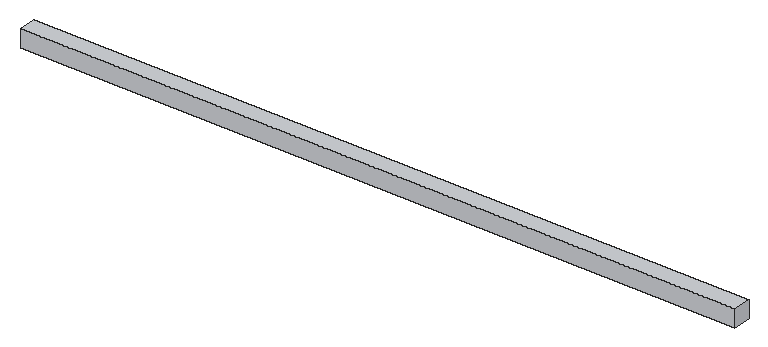
Revit family "BIM_ST_Scaff_Ledger_Shared", category Generic Models, Revit 2022
Family settings
  Can host rebar = No
  Round Connector Dimension = Use Diameter
  Part Type = Normal
  Work Plane-Based = No
  Always vertical = Yes
  Cut with Voids When Loaded = No
  Maintain Annotation Orientation = No
  Shared = Yes
  Room Calculation Point = No
Parameters
  Default Elevation = 0 mm
Reference planes
  plane 1 "Center (Front/Back)": y = 0
  plane 2: z = 0
  plane 3 "Center (Left/Right)": x = 0
Forms (mm)
  Extrusion 1, solid
    sketch origin (0, 0, 0) x (1, 0, 0) y (0, 1, 0)
      loop
        line (-900, -21.35) -> (900, -21.35) -> (900, 21.35) -> (-900, 21.35) -> (-900, -21.35)
    from 0 to 42.7
Dimensions and locks
  aligned and locked: level to plane 2
